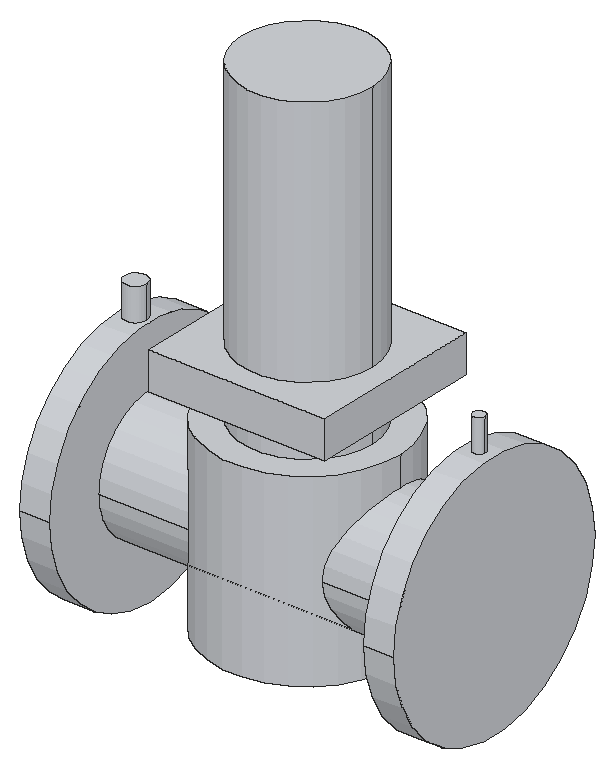
Revit family "PV_Compact_PN16_DN100_(50-200kPa)_RFA_2018", category Pipe Accessories, Revit 2018
Family settings
  Round Connector Dimension = Use Diameter
  Part Type = Valve - Breaks Into
  Work Plane-Based = No
  Always vertical = Yes
  Cut with Voids When Loaded = No
  Shared = No
Parameters (values of type "PV Compact PN16 DN100 (50-200kPa)")
  magiProductId = "238894349c704e30980898d6a42884"
  magiProductFamilyId = "c8b2eac19a98445b953ec5ab518664"
  magiPartTypeId = 304
  isMeasuringValve [instance] = no
  ang2D [instance] = 0.00°
  W2D = 50 mm
  VersionID = "2.0/2018.12.13.2/FRESE_PV_COMPACT_BIG_Q13_001"
  Use Minimum Symbol Size [instance] = no
  URL = "www.hydronic.cz"
  Type Comments = "PŘÍRUBOVÝ; PN16; dpmax=1000kPa; -10~+120°C"
  R4 = 61.25 mm
  R3 = 61.1 mm
  R1 = 87.5 mm
  QmdConnectorList = "301;D;302;D"
  Productdata [instance] = ""
  Manufacturer = "Hydronic Systems Prague s.r.o."
  Maintenance Zone Under Depth [instance] = 100 mm
  Maintenance Zone Right Depth [instance] = 100 mm
  Maintenance Zone Over Depth [instance] = 100 mm
  Maintenance Zone Left Depth [instance] = 100 mm
  Maintenance Zone Front Depth [instance] = 100 mm
  Maintenance Zone Back Depth [instance] = 100 mm
  Maintenance Zone Front Visibility [instance] = no
  MC Use Limits From Balancing Method = no
  MC Throttling Minimum Value = 0
  MC Throttling Maximum Value = 0
  MC Product Code = "53-3310 DN100 PN16; nastavitelný rozsah dp=50~200kPa; Q=20,3~81,3 m3/h;  kvs=115"
  MC Pressure Drop Minimum Value = 0.0 Pa
  MC Pressure Drop Maximum Value = 0.0 Pa
  MC Piping Given Pressure Drop [instance] = 0.0 Pa
  LF__ve = -LF  # -28 mm
  LF2 = 14 mm
  LF = 28 mm
  L4 = 164.5 mm
  L3 = 294 mm
  L2D_Min = 30.48 mm
  L2D = 230 mm
  L2 = 175 mm
  H6 = 234.75 mm
  H4 = 35.25 mm
  H3 = 29.375 mm
  H2 = 88.125 mm
  H1 = 176.25 mm
  Description = "Nastavitelný regulátor tlakové diference"
  DF2 = 117.5 mm
  D = 100 mm
  Clearance Zone Height Depth [instance] = 100 mm
  Clearance Zone Circular Radius [instance] = 175 mm
  Clearance Zone Visibility [instance] = no
  CAT0 = yes
Types (4, lengths in mm): name | magiProductId | R4 | R3 | R1 | MC Product Code | LF__ve | LF2 | LF | L4 | L3 | L2 | H6 | H4 | H3 | H2 | H1 | DF2 | D | Clearance Zone Circular Radius
  PV Compact PN16 DN050 (50-200kPa) | "81e9f5a937864fb894d80a4a75c60c" | 40.25 | 42.9 | 57.5 | "53-3301 DN050 PN16; nastavitelný rozsah dp=50~200kPa; Q=5,1~20,5 m3/h;  kvs=29" | -18.4 | 9.2 | 18.4 | 108.1 | 193.2 | 115 | 82.25 | 24.75 | 20.625 | 61.875 | 123.75 | 82.5 | 50 | 115
  PV Compact PN16 DN065 (50-200kPa) | "62e5150a15b74f6ebf91ec17767c09" | 50.75 | 48.1 | 72.5 | "53-3304 DN065 PN16; nastavitelný rozsah dp=50~200kPa; Q=7,4~29,7 m3/h;  kvs=42" | -23.2 | 11.6 | 23.2 | 136.3 | 243.6 | 145 | 105.25 | 27.75 | 23.125 | 69.375 | 138.75 | 92.5 | 65 | 145
  PV Compact PN16 DN080 (50-200kPa) | "56ecf79d7ca14ffb95f20ac45086c0" | 54.25 | 52 | 77.5 | "53-3307 DN080 PN16; nastavitelný rozsah dp=50~200kPa; Q=20,5~82,1 m3/h;  kvs=67" | -24.8 | 12.4 | 24.8 | 145.7 | 260.4 | 155 | 141 | 30 | 25 | 75 | 150 | 100 | 80 | 155
  PV Compact PN16 DN100 (50-200kPa) | "238894349c704e30980898d6a42884" | 61.25 | 61.1 | 87.5 | "53-3310 DN100 PN16; nastavitelný rozsah dp=50~200kPa; Q=20,3~81,3 m3/h;  kvs=115" | -28 | 14 | 28 | 164.5 | 294 | 175 | 234.75 | 35.25 | 29.375 | 88.125 | 176.25 | 117.5 | 100 | 175
Reference planes
  plane 1 "Center (Front/Back)": y = 0
  plane 2 "XYPLANE": z = 0
  plane 3 "Center (Left/Right)": x = 0
  plane 4 "257": y = -117.5
  plane 5 "256": y = 117.5
  plane 6 "255": z = -117.5
  plane 7 "254": y = -217.5
  plane 8 "253": y = 217.5
  plane 9 "252": x = -275
  plane 10 "251": x = 275
  plane 11 "250": z = 487.5
  plane 12 "249": z = -217.5
  plane 13 "248": z = 487.5
  plane 14 "247": z = 387.5
  plane 15 "157": x = 161
  plane 16 "156": x = -161
  plane 17 "155": z = 117.5
  plane 18 "154": z = 152.75
  plane 19 "153": z = 117.5
  plane 20 "152": z = 88.125
  plane 21 "151": x = -147
  plane 22 "150": z = -88.125
  plane 23 "149": x = 0
  plane 24 "148": y = 0
  plane 25 "147": z = 0
  plane 26 "146": x = -175
  plane 27 "145": x = 175
Forms (mm)
  Blend 1, solid, visible <- "Maintenance Zone Front Visibility"
    base sketch origin (-750, 0, -217.5) x (1, 0, 0) y (0, 1, 0)
      loop
        line (475, 217.5) -> (475, -217.5) -> (1025, -217.5) -> (1025, 217.5) -> (475, 217.5)
    top sketch origin (-750, 0, -217.5) x (1, 0, 0) y (0, 1, 0)
      loop
        line (475, 217.5) -> (475, -217.5) -> (1025, -217.5) -> (1025, 217.5) -> (475, 217.5)
    from 0 to 705
  Blend 2, solid, visible <- "Clearance Zone Visibility"
    base sketch origin (-750, 0, 0) x (1, 0, 0) y (0, 1, 0)
      loop
        circle (750, 0) r 175
    top sketch origin (-750, 0, 0) x (1, 0, 0) y (0, 1, 0)
      loop
        circle (750, 0) r 175
    from 0 to 487.5
  Extrusion 3, solid, visible <- "CAT0"
    sketch origin (-750, 0, 117.5) x (1, 0, 0) y (0, 1, 0)
      loop
        circle (911, 0) r 5.5
    from 0 to 30
  Extrusion 4, solid, visible <- "CAT0"
    sketch origin (-750, 0, 117.5) x (1, 0, 0) y (0, 1, 0)
      loop
        circle (589, 0) r 10.3
    from 0 to 30
  Extrusion 5, solid
    sketch origin (-750, 0, 152.75) x (1, 0, 0) y (0, 1, 0)
      loop
        circle (750, 0) r 61.25
    from 0 to 234.75 <- "H6"
  Extrusion 6, solid, visible <- "CAT0"
    sketch origin (-750, 0, 117.5) x (1, 0, 0) y (0, 1, 0)
      loop
        line (832.25, 82.25) -> (667.75, 82.25) -> (667.75, -82.25) -> (832.25, -82.25) -> (832.25, 82.25)
    from 0 to 35.25 <- "H4"
  Extrusion 7, solid, visible <- "CAT0"
    sketch origin (-750, 0, 88.125) x (1, 0, 0) y (0, 1, 0)
      loop
        circle (750, 0) r 61.25
    from 0 to 29.375 <- "H3"
  Extrusion 8, solid, visible <- "CAT0"
    sketch origin (-147, -750, 0) x (0, 1, 0) y (0, 0, 1)
      loop
        circle (750, 0) r 61.1
    from 0 to 294 <- "L3"
  Extrusion 9, solid, visible <- "CAT0"
    sketch origin (-750, 0, -88.125) x (1, 0, 0) y (0, 1, 0)
      loop
        circle (750, 0) r 87.5
    from 0 to 176.25 <- "H1"
  Extrusion 10, solid, visible <- "CAT0"
    sketch origin (-175, -750, 0) x (0, 1, 0) y (0, 0, 1)
      loop
        circle (750, 0) r 117.5
    from 0 to 28 <- "LF"
  Extrusion 11, solid, visible <- "CAT0"
    sketch origin (175, -750, 0) x (0, 1, 0) y (0, 0, 1)
      loop
        circle (750, 0) r 117.5
    from 0 to -28 <- "LF__ve"
  Extrusion 12, solid, not visible
    sketch origin (-175, -750, 0) x (0, 1, 0) y (0, 0, 1)
      loop
        circle (750, 0) r 10
    from 0 to 10
  Extrusion 13, solid, not visible
    sketch origin (175, -750, 0) x (0, 1, 0) y (0, 0, 1)
      loop
        circle (750, 0) r 10
    from 0 to -10
Lines and regions (mm)
  reference lines, not visible
    curve 1: circle (2, 2, 0) r 1 normal (0, 0, 1)
  reference lines
    curve 2: circle (0, 0, 117.5) r 1 normal (0, 0, 1)
Dimensions and locks
  plane 1 "Center (Front/Back)" to curve 1 = 2 mm
  "DF2": plane 24 "148" to plane 4 "257"
  "DF2": plane 24 "148" to plane 5 "256"
  "DF2": plane 25 "147" to plane 6 "255"
  "Maintenance Zone Front Depth": plane 4 "257" to plane 7 "254"
  "Maintenance Zone Back Depth": plane 5 "256" to plane 8 "253"
  "Maintenance Zone Left Depth": plane 26 "146" to plane 9 "252"
  "Maintenance Zone Right Depth": plane 27 "145" to plane 10 "251"
  "Maintenance Zone Over Depth": plane 14 "247" to plane 11 "250"
  "Maintenance Zone Under Depth": plane 6 "255" to plane 12 "249"
  "Clearance Zone Height Depth": plane 14 "247" to plane 13 "248"
  "H6": plane 18 "154" to plane 14 "247"
  "LF2": plane 27 "145" to plane 15 "157"
  "LF2": plane 26 "146" to plane 16 "156"
  "DF2": plane 2 "XYPLANE" to plane 17 "155"
  "H4": plane 19 "153" to plane 18 "154"
  "H3": plane 20 "152" to plane 19 "153"
  "H1": plane 22 "150" to plane 20 "152"
  "LF": plane 26 "146" to plane 21 "151"
  "H2": plane 2 "XYPLANE" to plane 22 "150"
  locked: plane 3 "Center (Left/Right)" to plane 23 "149"
  locked: plane 1 "Center (Front/Back)" to plane 24 "148"
  locked: plane 2 "XYPLANE" to plane 25 "147"
  "L2": plane 3 "Center (Left/Right)" to plane 26 "146"
  "L2": plane 3 "Center (Left/Right)" to plane 27 "145"
  Blend 1 sketch curve to Blend 1 sketch curve = 0 mm  (x16)
  equal spacing: Extrusion 6 sketch curve, curve 2, Extrusion 6 sketch curve  (x2)
  "L4": Extrusion 6 sketch curve to Extrusion 6 sketch curve  (x2)
  Extrusion 6 sketch curve to Extrusion 6 sketch curve = 0 mm  (x8)
  "Clearance Zone Circular Radius": radius of Blend 2 sketch curve  (x2)
  "R4": radius of Extrusion 5 sketch curve
  "R4": radius of Extrusion 7 sketch curve
  "R3": radius of Extrusion 8 sketch curve
  "R1": radius of Extrusion 9 sketch curve
  "DF2": radius of Extrusion 10 sketch curve
  "DF2": radius of Extrusion 11 sketch curve
  aligned and locked: level to plane 2 "XYPLANE"
  aligned and locked: Blend 1 sketch curve to plane 8 "253"  (x2)
  aligned and locked: plane 9 "252" to Blend 1 sketch curve  (x4)
  aligned and locked: plane 10 "251" to Blend 1 sketch curve  (x4)
  aligned and locked: plane 8 "253" to Blend 1 sketch curve  (x2)
  aligned and locked: plane 7 "254" to Blend 1 sketch curve  (x4)
  aligned and locked: plane 11 "250" to Blend 1
  aligned and locked: plane 23 "149" to Blend 2 sketch curve  (x2)
  aligned and locked: plane 24 "148" to Blend 2 sketch curve  (x2)
  aligned and locked: plane 13 "248" to Blend 2
  aligned and locked: plane 15 "157" to Extrusion 3 sketch curve
  aligned and locked: plane 24 "148" to Extrusion 3 sketch curve
  aligned and locked: plane 16 "156" to Extrusion 4 sketch curve
  aligned and locked: plane 24 "148" to Extrusion 4 sketch curve
  aligned and locked: plane 23 "149" to Extrusion 5 sketch curve
  aligned and locked: plane 24 "148" to Extrusion 5 sketch curve
  aligned and locked: plane 23 "149" to curve 2
  aligned and locked: plane 24 "148" to curve 2
  aligned and locked: plane 23 "149" to Extrusion 7 sketch curve
  aligned and locked: plane 24 "148" to Extrusion 7 sketch curve
  aligned and locked: Extrusion 8 sketch curve to plane 24 "148"
  aligned and locked: plane 25 "147" to Extrusion 8 sketch curve
  aligned and locked: plane 23 "149" to Extrusion 9 sketch curve
  aligned and locked: plane 24 "148" to Extrusion 9 sketch curve
  aligned and locked: Extrusion 10 sketch curve to plane 24 "148"
  aligned and locked: plane 25 "147" to Extrusion 10 sketch curve
  aligned and locked: Extrusion 11 sketch curve to plane 24 "148"
  aligned and locked: plane 25 "147" to Extrusion 11 sketch curve
  aligned and locked: Extrusion 12 sketch curve to plane 24 "148"
  aligned and locked: plane 25 "147" to Extrusion 12 sketch curve
  aligned and locked: Extrusion 13 sketch curve to plane 24 "148"
  aligned and locked: plane 25 "147" to Extrusion 13 sketch curve
Automatic sketch dimensions
  Extrusion 3 sketch curve to plane 15 "157" = 5.5 mm
  plane 26 "146" to Extrusion 4 sketch curve = 3.7 mm
  plane 1 "Center (Front/Back)" to Extrusion 12 sketch curve = 10 mm
  plane 1 "Center (Front/Back)" to Extrusion 13 sketch curve = 10 mm
  plane 3 "Center (Left/Right)" to curve 1 = 2 mm
  plane 21 "151" to Extrusion 6 sketch curve = 64.75 mm
  plane 4 "257" to Extrusion 6 sketch curve = 35.25 mm
  radius of curve 2 = 1 mm
  radius of curve 1 = 1 mm
Connectors
  piping at (-175, 0, 0), diameter 100, driven by "D"
    settings: on Extrusion 12, index 1, connector inside diameter 609.6 mm, connector length 0 mm, flow factor 0, pipe flow 0.0 L/s, pressure drop 0.0 Pa, fitting loss kfactor 0, connector angle 0.00°, fixture units 0, engagement length 0 mm, angle of deflection 0.00°, flow configuration 0, flow direction 0, fitting loss method 0, system type 29, joint type 0, gender type 0, connector reference index 2, connector utility 0, adjustable connector no, is connector primary yes, connector description ""
  piping at (175, 0, 0), diameter 100, driven by "D"
    settings: on Extrusion 13, index 2, connector inside diameter 609.6 mm, connector length 0 mm, flow factor 0, pipe flow 0.0 L/s, pressure drop 0.0 Pa, fitting loss kfactor 0, connector angle 0.00°, fixture units 0, engagement length 0 mm, angle of deflection 0.00°, flow configuration 0, flow direction 0, fitting loss method 0, system type 29, joint type 0, gender type 0, connector reference index 1, connector utility 0, adjustable connector no, is connector primary no, connector description ""
